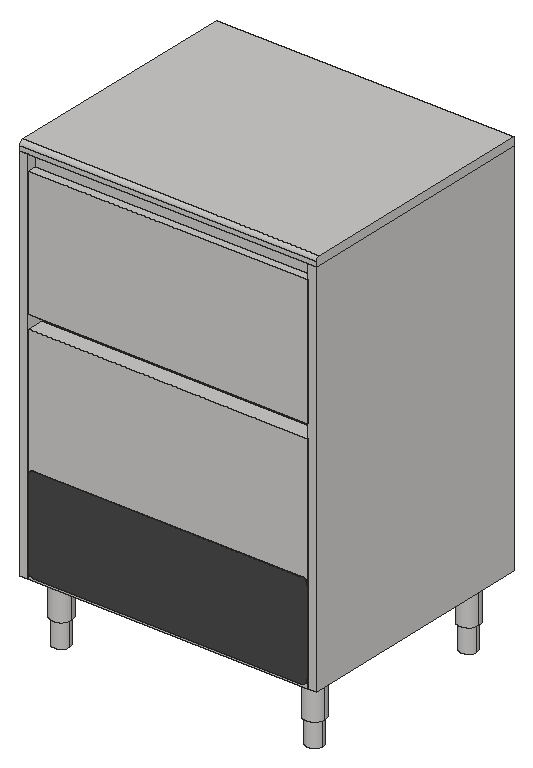
Revit family "QF_ELECTROLUXPROFESSIONAL_730323_ICB83I35SDP", category Attrezzature speciali, Revit 2018
Family settings
  Quota connettore circolare = Usa diametro
  Tipo di parte = Normale
  Basato su piano di lavoro = No
  Sempre verticale = Sì
  Taglio con vuoti quando caricato = No
  Condiviso = No
  Punto di calcolo locali = No
Parameters (values of type "Standard")
  Weight = 70.00 kg
  Watts = 0 W
  Volts = 220 V
  URL Manufacturer = "https://www.electroluxprofessional.com/"
  URL = "https://www.electroluxprofessional.com/"
  Steam Supply Size = 0 mm
  Steam Supply Minimum Pressure = 0.0 Pa
  Steam Supply Maximum Pressure = 0.0 Pa
  Steam Pounds per Hour = 0
  Show Logo [instance] = yes
  Show Clearance [instance] = yes
  Refrigeration Suction Line Size = 0 mm
  Refrigeration Liquid Line Size = 0 mm
  Refrigerant Compressor Remote = yes
  Produttore = "Electrolux Professional"
  Phase = 1
  Modello = "ICB83I35SDP"
  Length Actual = 715 mm  # constant formula
  Item Number = "730323"
  Hot Water Size = 0 mm
  Height Actual = 1044 mm  # constant formula
  HP = "0 HP"
  Gas Size = 0 mm
  Gas KW = 0
  Gas Input Pressure = 0 W
  Descrizione = "AIR COOLED ICE CUBER 22GR 83KG/24H-BIN 35KG DRAIN PUMP"
  Depth Actual = 595 mm  # constant formula
  Cycle = 50 Hz
  Condensate Return Size = 0 mm
  Compressed Air Volume = 0.0 L/s
  Compressed Air Size = 0 mm
  Compressed Air Pressure = 0.0 Pa
  Cold Water Size = 19.05 mm
  Accessory = yes
Reference planes
  plane 1 "Center X": y = 272.851
  plane 2: z = 0
  plane 3 "Center Y": x = -501.5
  plane 4 "LEFT": x = -859
  plane 5 "RIGHT": x = -144
  plane 6 "FRONT": y = -24.649
  plane 7 "BACK": y = 570.351
  plane 8: z = 155
  plane 9: z = 1094
  plane 10: z = 1074
  plane 11: x = -839
  plane 12: x = -164
  plane 13: y = 15.351
Forms (mm)
  Extrusion 1, solid, material "QF_Finishes_Black"
    sketch origin (-217.296, -24.649, 371.513) x (-1, 0, 0) y (0, 0, -1)
      loop
        arc (606.704, -21.487) -> (617.311, -17.093) -> (621.704, -6.487) r 15
        line (621.704, -6.487) -> (621.704, 194.469)
        arc (621.704, 194.469) -> (617.311, 205.075) -> (606.704, 209.469) r 15
        line (606.704, 209.469) -> (-38.296, 209.469)
        arc (-38.296, 209.469) -> (-48.903, 205.075) -> (-53.296, 194.469) r 15
        line (-53.296, 194.469) -> (-53.296, -6.487)
        arc (-53.296, -6.487) -> (-48.903, -17.093) -> (-38.296, -21.487) r 15
        line (-38.296, -21.487) -> (606.704, -21.487)
    from 0 to 2
  Extrusion 2, solid, material "QF_Finishes_Stainless Steel"
    sketch origin (-501.5, 0, 0) x (0, 1, 0) y (0, 0, 1)
      loop
        line (570.351, 1074) -> (570.351, 1094) -> (-14.649, 1094)
        arc (-14.649, 1094) -> (-21.72, 1091.071) -> (-24.649, 1084) r 10
        line (-24.649, 1084) -> (-24.649, 1074) -> (570.351, 1074)
    from -357.5 to 357.5
  Extrusion 3, solid, material "QF_Finishes_Stainless Steel"
    sketch origin (-450.7, 570.351, -329.545) x (1, 0, 0) y (0, 0, -1)
      loop
        circle (233.2, -655.545) r 10
    from 0 to 10
  Extrusion 4, solid, material "QF_Finishes_Stainless Steel"
    sketch origin (0, 0, 0) x (1, 0, 0) y (0, 1, 0)
      loop
        line (-859, 570.351) -> (-859, -24.649) -> (-839, -24.649) -> (-839, 570.351) -> (-859, 570.351)
    from 155 to 1074
  Extrusion 5, solid, material "QF_Finishes_Stainless Steel"
    sketch origin (0, 0, 0) x (1, 0, 0) y (0, 1, 0)
      loop
        line (-164, 570.351) -> (-164, -24.649) -> (-144, -24.649) -> (-144, 570.351) -> (-164, 570.351)
    from 155 to 1074
  Extrusion 6, solid, material "QF_Finishes_Stainless Steel"
    sketch origin (0, 0, 0) x (1, 0, 0) y (0, 1, 0)
      loop
        line (-839, 570.351) -> (-839, 15.351) -> (-164, 15.351) -> (-164, 570.351) -> (-839, 570.351)
    from 155 to 1074
  Extrusion 7, solid, material "QF_Finishes_Stainless Steel"
    sketch origin (0, 0, 0) x (1, 0, 0) y (0, 1, 0)
      loop
        line (-839, -24.649) -> (-164, -24.649) -> (-164, 15.351) -> (-839, 15.351) -> (-839, -24.649)
    from 155 to 695.994
  Extrusion 8, solid, material "QF_Finishes_Stainless Steel"
    sketch origin (-501.5, 0, 0) x (0, 1, 0) y (0, 0, 1)
      loop
        line (15.351, 1074) -> (-4.649, 1074) -> (-4.649, 1038) -> (-24.649, 1038) -> (-24.649, 728.028) -> (-4.649, 728.028) -> (-4.649, 713.028) -> (15.351, 713.028) -> (15.351, 1074)
    from -337.5 to 337.5
  Extrusion 9, solid, material "QF_Finishes_Stainless Steel"
    sketch origin (-428.2, 570.351, -440.545) x (1, 0, 0) y (0, 0, -1)
      loop
        circle (233.2, -655.545) r 10
    from 0 to 10
  Extrusion 10, solid, material "QF_Finishes_Stainless Steel"
    sketch origin (-487.7, 570.351, -361.545) x (1, 0, 0) y (0, 0, -1)
      loop
        circle (233.2, -655.545) r 10
    from 0 to 10
Lines and regions (mm)
  Split face 1
    outline origin (-501.5, -4.649, 1074) x (0, 0, -1) y (1, 0, 0)
      loop
        line (5.715, 214.928) -> (30.715, 214.928) -> (30.715, 254.928) -> (5.715, 254.928) -> (5.715, 214.928)
  symbolic lines
    curve 1: line (-859, 570.351, 0) -> (-144, 570.351, 0)
    curve 2: line (-859, -24.649, 0) -> (-859, 570.351, 0)
    curve 3: line (-144, -24.649, 0) -> (-859, -24.649, 0)
    curve 4: line (-144, 570.351, 0) -> (-144, -24.649, 0)
Dimensions and locks
  equal spacing: plane 4 "LEFT", plane 3 "Center Y", plane 5 "RIGHT"
  plane 4 "LEFT" to plane 5 "RIGHT" = 715 mm
  equal spacing: plane 7 "BACK", plane 1 "Center X", plane 6 "FRONT"
  plane 7 "BACK" to plane 6 "FRONT" = 595 mm
  plane 8 to plane 2 = 155 mm
  plane 9 to plane 8 = 939 mm
  locked: plane 4 "LEFT" to plane 11 at 20
  locked: plane 12 to plane 5 "RIGHT" at 20
  locked: plane 9 to plane 10 at 20
  locked: plane 13 to plane 6 "FRONT" at 40
  aligned and locked: level to plane 2
  aligned and locked: plane 5 "RIGHT" to Extrusion 2
  aligned and locked: Extrusion 2 to plane 4 "LEFT"
  aligned and locked: Extrusion 4 sketch curve to Extrusion 2  (x2)
  aligned and locked: plane 6 "FRONT" to Extrusion 4 sketch curve
  aligned and locked: Extrusion 4 sketch curve to plane 11
  aligned and locked: Extrusion 5 sketch curve to plane 7 "BACK"
  aligned and locked: plane 12 to Extrusion 5 sketch curve
  aligned and locked: Extrusion 5 sketch curve to Extrusion 2  (x2)
  aligned and locked: plane 10 to Extrusion 4
  aligned and locked: plane 10 to Extrusion 5
  aligned and locked: Extrusion 4 to plane 8
  aligned and locked: Extrusion 5 to plane 8
  aligned and locked: Extrusion 6 sketch curve to Extrusion 4
  aligned and locked: Extrusion 4 to Extrusion 6 sketch curve
  aligned and locked: plane 13 to Extrusion 6 sketch curve
  aligned and locked: Extrusion 6 sketch curve to plane 12
  aligned and locked: plane 10 to Extrusion 6
  aligned and locked: Extrusion 6 to plane 8
  aligned and locked: Extrusion 4 to Extrusion 7 sketch curve
  aligned and locked: Extrusion 7 sketch curve to Extrusion 4
  aligned and locked: plane 13 to Extrusion 7 sketch curve
  aligned and locked: plane 12 to Extrusion 7 sketch curve
  aligned and locked: Extrusion 7 to plane 8
  aligned and locked: plane 12 to Extrusion 8
  aligned and locked: Extrusion 8 to plane 11
Automatic sketch dimensions
  curve 3 to plane 4 "LEFT" = 0 mm
  curve 3 to plane 5 "RIGHT" = 0 mm
  curve 3 to plane 6 "FRONT" = 0 mm
  curve 2 to plane 7 "BACK" = 0 mm
  Extrusion 1 sketch curve to plane 12 = 0 mm
  plane 8 to Extrusion 1 sketch curve = 7.044 mm
  Extrusion 1 sketch curve to Extrusion 1 sketch curve = 15 mm  (x3)
  plane 11 to Extrusion 1 sketch curve = 15 mm  (x2)
  Extrusion 1 sketch curve to Extrusion 1 sketch curve = 200.956 mm
  Extrusion 2 sketch curve to plane 6 "FRONT" = 0 mm
  Extrusion 2 sketch curve to plane 9 = 0 mm
  Extrusion 2 sketch curve to plane 7 "BACK" = 0 mm
  Extrusion 2 sketch curve to plane 10 = 0 mm
  plane 6 "FRONT" to Extrusion 2 sketch curve = 10 mm
  Extrusion 6 to Extrusion 3 sketch curve = 171 mm
  Extrusion 3 sketch curve to Extrusion 6 = 53.5 mm
  Split face 1 sketch curve to Extrusion 8 = 5.715 mm
  Extrusion 8 to Split face 1 sketch curve = 5.285 mm
  Split face 1 sketch curve to Extrusion 8 = 122.572 mm
  Split face 1 sketch curve to Split face 1 sketch curve = 40 mm
  Extrusion 9 sketch curve to Extrusion 6 = 31 mm
  Extrusion 6 to Extrusion 9 sketch curve = 60 mm
  Extrusion 10 sketch curve to Extrusion 6 = 90.5 mm
  Extrusion 6 to Extrusion 10 sketch curve = 139 mm
  Extrusion 8 sketch curve to plane 6 "FRONT" = 0 mm
  Extrusion 8 sketch curve to plane 10 = 0 mm
  Extrusion 8 sketch curve to plane 13 = 0 mm
  Extrusion 8 sketch curve to Extrusion 8 sketch curve = 20 mm  (x2)
  Extrusion 8 sketch curve to plane 10 = 36 mm
  Extrusion 8 sketch curve to Extrusion 8 sketch curve = 309.972 mm
  Extrusion 8 sketch curve to Extrusion 8 sketch curve = 15 mm
  radius of Extrusion 3 sketch curve = 10 mm
  radius of Extrusion 9 sketch curve = 10 mm
  radius of Extrusion 10 sketch curve = 10 mm
Nested families
  nested 1: "Foot_Complete" at (-807, 35.351, 0), type "Foot_Complete"
    with H 155 mm
  nested 2: "Foot_Complete" at (-196, 35.351, 0) x (-1, 0, 0) z (0, 0, 1), type "Foot_Complete"
    with H 155 mm
  nested 3: "Foot_Complete" at (-807, 499.351, 0), type "Foot_Complete"
    with H 155 mm
  nested 4: "Foot_Complete" at (-196, 499.351, 0) x (-1, 0, 0) z (0, 0, 1), type "Foot_Complete"
    with H 155 mm
Connectors
  electrical at (-195, 580.351, 215), driven by "Volts"
    settings: on Extrusion 9, index 1, voltage 220 V, apparent load 0 VA, apparent load phase1 0 VA, apparent load phase2 0 VA, apparent load phase3 0 VA, power factor 1, load classification "Altro", number of poles 1, system type 30, power factor state 1, is connector primary yes, connector utility no, sub classification motor no, connector description "Electrical Connection"
  piping at (-217.5, 580.351, 326), diameter 20
    settings: on Extrusion 3, index 2, connector inside diameter 609.6 mm, connector length 0 mm, flow factor 0, pipe flow 0.0 L/s, pressure drop 0.0 Pa, fitting loss kfactor 0, connector angle 0.00°, fixture units 0, engagement length 0 mm, angle of deflection 0.00°, flow configuration 0, flow direction 0, fitting loss method 0, system type 20, joint type 0, gender type 0, connector reference index -1, connector utility 0, adjustable connector no, is connector primary yes, connector description "Cold water"
  piping at (-254.5, 580.351, 294), diameter 20
    settings: on Extrusion 10, index 3, connector inside diameter 609.6 mm, connector length 0 mm, flow factor 0, pipe flow 0.0 L/s, pressure drop 0.0 Pa, fitting loss kfactor 0, connector angle 0.00°, fixture units 0, engagement length 0 mm, angle of deflection 0.00°, flow configuration 0, flow direction 0, fitting loss method 0, system type 16, joint type 0, gender type 0, connector reference index -1, connector utility 0, adjustable connector no, is connector primary no, connector description "Drain"
Definition of nested family "Foot_Complete"
  Parameters (values of type "Foot_Complete")
    R = 25 mm
    H = 153 mm
  Reference planes
    plane 1 "Centro (Fronte/Retro)": y = 0
    plane 2: z = 0
    plane 3 "Centro (Sinistra/Destra)": x = 0
    plane 4: z = 153
  Forms (mm)
    Revolve 1, solid
      sketch origin (255.05, 0, 608.09) x (0, 0, 1) y (-1, 0, 0)
        loop
          line (-608.09, 255.05) -> (-608.09, 235.05) -> (-548.09, 235.05) -> (-548.09, 230.05) -> (-455.09, 230.05) -> (-455.09, 255.05) -> (-608.09, 255.05)
        axis (-608.09, 255.05) -> (-455.09, 255.05)
      angle from 0 to 360
  Dimensions and locks
    level to Revolve 1 sketch curve = 60 mm
    "R": Revolve 1 sketch curve to plane 3 "Centro (Sinistra/Destra)"
    "H": plane 4 to level
    aligned and locked: level to plane 2
    aligned and locked: plane 4 to Revolve 1 sketch curve
    aligned and locked: Revolve 1 sketch curve to level
    aligned and locked: plane 3 "Centro (Sinistra/Destra)" to Revolve 1 sketch curve
  Automatic sketch dimensions
    Revolve 1 sketch curve to plane 3 "Centro (Sinistra/Destra)" = 0 mm
    plane 3 "Centro (Sinistra/Destra)" to Revolve 1 sketch curve = 20 mm
    Revolve 1 sketch curve to Revolve 1 sketch curve = 50 mm
    Revolve 1 sketch curve to Revolve 1 sketch curve = 20 mm
